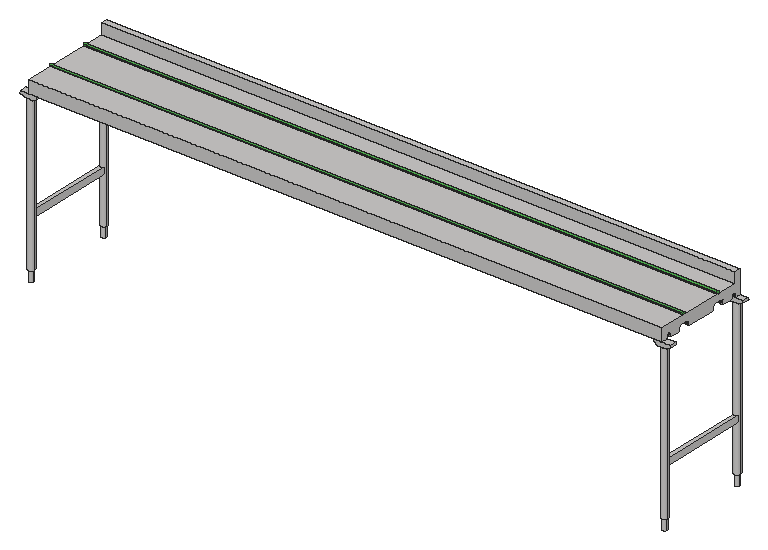
Revit family "QF_ELECTROLUXPROFESSIONAL_865127_HSCCTL30", category Attrezzature speciali, Revit 2020
Family settings
  Quota connettore circolare = Usa diametro
  Tipo di parte = Normale
  Basato su piano di lavoro = No
  Sempre verticale = Sì
  Taglio con vuoti quando caricato = No
  Condiviso = No
  Punto di calcolo locali = No
Parameters (values of type "Standard")
  Weight = 38.00 kg
  Watts = 0 W
  Volts = 0 V
  URL Manufacturer = "https://www.electroluxprofessional.com/"
  URL = "https://www.electroluxprofessional.com/"
  Steam Supply Size = 0 mm
  Steam Supply Minimum Pressure = 0.0 Pa
  Steam Supply Maximum Pressure = 0.0 Pa
  Steam Consumption per Hour = 0
  Show Clearance [instance] = yes
  Refrigeration Suction Line Size = 0 mm
  Refrigeration Liquid Line Size = 0 mm
  Refrigerant Compressor Remote = yes
  Prospetto di default = 0 mm
  Produttore = "Electrolux Professional"
  Phase = 0
  Modello = "HSCCTL30"
  Length Actual = 3000 mm  # constant formula
  Item Number = "865127"
  Hot Water Size = 0 mm
  Height Actual = 110 mm  # constant formula
  HP = "0 HP"
  Gas Size = 0 mm
  Gas KW = 0
  Gas Input Pressure = 0 W
  Direct Waste Size = 0 mm
  Description = "CORD CONVEYOR FOR TRAYS, SORTING (LOW EDGE), 3000 MM "
  Depth Actual = 460 mm  # constant formula
  Cycle = 0 Hz
  Condensate Return Size = 0 mm
  Compressed Air Volume = 0.0 L/s
  Compressed Air Size = 0 mm
  Compressed Air Pressure = 0.0 Pa
  Cold Water Size = 0 mm
  Accessory = yes
Reference planes
  plane 1 "Center (Front/Back)": y = 0
  plane 2: z = 0
  plane 3 "FRONT": y = -460
  plane 4 "LEFT": x = -126
  plane 5 "RIGHT": x = 2874
  plane 6: z = 800.5
  plane 7: x = 1374
  plane 8: y = -230
  plane 9: z = 910.5
  plane 10: y = -130
  plane 11: y = -330
  plane 12: x = -126
  plane 13: z = 270.5
Forms (mm)
  Extrusion 1, solid, material "QF_Finishes_Stainless Steel"
    sketch origin (0, 0, 800.5) x (0, 1, 0) y (0, 0, 1)
      loop
        line (0, 110) -> (-30, 110) -> (-30, 60) -> (-460, 60) -> (-460, 0) -> (-442, 0)
        arc (-442, 0) -> (-437.05, 2.05) -> (-435, 7) r 7
        line (-435, 7) -> (-435, 12.5)
        arc (-435, 12.5) -> (-431.339, 21.339) -> (-422.5, 25) r 12.5
        arc (-422.5, 25) -> (-413.661, 21.339) -> (-410, 12.5) r 12.5
        line (-410, 12.5) -> (-410, 7)
        arc (-410, 7) -> (-407.95, 2.05) -> (-403, 0) r 7
        line (-403, 0) -> (-367, 0)
        arc (-367, 0) -> (-362.05, 2.05) -> (-360, 7) r 7
        line (-360, 7) -> (-360, 12.5)
        arc (-360, 12.5) -> (-356.339, 21.339) -> (-347.5, 25) r 12.5
        line (-347.5, 25) -> (-312.5, 25)
        arc (-312.5, 25) -> (-303.661, 21.339) -> (-300, 12.5) r 12.5
        line (-300, 12.5) -> (-300, 6.708)
        arc (-300, 6.708) -> (-298.612, 2.525) -> (-295, 0) r 7
        line (-295, 0) -> (-167, 0)
        arc (-167, 0) -> (-162.05, 2.05) -> (-160, 7) r 7
        line (-160, 7) -> (-160, 12.5)
        arc (-160, 12.5) -> (-156.339, 21.339) -> (-147.5, 25) r 12.5
        line (-147.5, 25) -> (-112.5, 25)
        arc (-112.5, 25) -> (-103.661, 21.339) -> (-100, 12.5) r 12.5
        line (-100, 12.5) -> (-100, 7)
        arc (-100, 7) -> (-97.95, 2.05) -> (-93, 0) r 7
        line (-93, 0) -> (-57, 0)
        arc (-57, 0) -> (-52.05, 2.05) -> (-50, 7) r 7
        line (-50, 7) -> (-50, 12.5)
        arc (-50, 12.5) -> (-46.339, 21.339) -> (-37.5, 25) r 12.5
        arc (-37.5, 25) -> (-28.661, 21.339) -> (-25, 12.5) r 12.5
        line (-25, 12.5) -> (-25, 7)
        arc (-25, 7) -> (-22.95, 2.05) -> (-18, 0) r 7
        line (-18, 0) -> (0, 0) -> (0, 110)
    from -126 to 2874
  Extrusion 2, solid, material "QF_Finishes_Green"
    sketch origin (0, 100, 800.5) x (0, 1, 0) y (0, 0, 1)
      loop
        circle (-230, 65) r 5
    from -126 to 2874
  Extrusion 3, solid, material "QF_Finishes_Green"
    sketch origin (0, -560, 800.5) x (0, -1, 0) y (0, 0, -1)
      loop
        circle (-230, -65) r 5
    from -126 to 2874
  Extrusion 4, solid, material "QF_Finishes_Stainless Steel"
    sketch origin (0, 250, 0) x (-1, 0, 0) y (0, 0, 1)
      loop
        line (166, 800.5) -> (86, 800.5) -> (86, 790.5) -> (106, 778.953) -> (146, 778.953) -> (166, 790.5) -> (166, 800.5)
    from -710 to -680
  Revolve 5, solid, material "QF_Finishes_Stainless Steel"
    sketch origin (0, -445, 0) x (-1, 0, 0) y (0, 0, 1)
      loop
        line (126, 778.953) -> (111, 778.953) -> (111, 50.5) -> (116, 50.5) -> (116, 0) -> (126, 0) -> (126, 778.953)
      axis (126, 778.953) -> (126, 0)
    angle from 0 to 360
  Extrusion 6, solid, material "QF_Finishes_Stainless Steel"
    sketch origin (0, 680, 0) x (-1, 0, 0) y (0, 0, 1)
      loop
        line (166, 800.5) -> (86, 800.5) -> (86, 790.5) -> (106, 778.953) -> (146, 778.953) -> (166, 790.5) -> (166, 800.5)
    from -710 to -680
  Revolve 7, solid, material "QF_Finishes_Stainless Steel"
    sketch origin (0, -15, 0) x (-1, 0, 0) y (0, 0, 1)
      loop
        line (126, 778.953) -> (111, 778.953) -> (111, 50.5) -> (116, 50.5) -> (116, 0) -> (126, 0) -> (126, 778.953)
      axis (126, 778.953) -> (126, 0)
    angle from 0 to 360
  Extrusion 8, solid, material "QF_Finishes_Stainless Steel"
    sketch origin (3000, 680, 0) x (-1, 0, 0) y (0, 0, 1)
      loop
        line (166, 800.5) -> (86, 800.5) -> (86, 790.5) -> (106, 778.953) -> (146, 778.953) -> (166, 790.5) -> (166, 800.5)
    from -710 to -680
  Revolve 9, solid, material "QF_Finishes_Stainless Steel"
    sketch origin (3000, -15, 0) x (-1, 0, 0) y (0, 0, 1)
      loop
        line (126, 778.953) -> (111, 778.953) -> (111, 50.5) -> (116, 50.5) -> (116, 0) -> (126, 0) -> (126, 778.953)
      axis (126, 778.953) -> (126, 0)
    angle from 0 to 360
  Extrusion 10, solid, material "QF_Finishes_Stainless Steel"
    sketch origin (3000, 250, 0) x (-1, 0, 0) y (0, 0, 1)
      loop
        line (166, 800.5) -> (86, 800.5) -> (86, 790.5) -> (106, 778.953) -> (146, 778.953) -> (166, 790.5) -> (166, 800.5)
    from -710 to -680
  Revolve 11, solid, material "QF_Finishes_Stainless Steel"
    sketch origin (3000, -445, 0) x (-1, 0, 0) y (0, 0, 1)
      loop
        line (126, 778.953) -> (111, 778.953) -> (111, 50.5) -> (116, 50.5) -> (116, 0) -> (126, 0) -> (126, 778.953)
      axis (126, 778.953) -> (126, 0)
    angle from 0 to 360
  Extrusion 12, solid, material "QF_Finishes_Stainless Steel"
    sketch origin (3010, 0, 128.154) x (0, 1, 0) y (0, 0, 1)
      loop
        line (-20, 172.346) -> (-440, 172.346) -> (-440, 142.346) -> (-20, 142.346) -> (-20, 172.346)
    from -146 to -126
  Extrusion 13, solid, material "QF_Finishes_Stainless Steel"
    sketch origin (-262, 0, 128.154) x (0, 1, 0) y (0, 0, -1)
      loop
        line (-20, -172.346) -> (-20, -142.346) -> (-440, -142.346) -> (-440, -172.346) -> (-20, -172.346)
    from -146 to -126
Dimensions and locks
  plane 4 "LEFT" to plane 5 "RIGHT" = 3000 mm
  plane 1 "Center (Front/Back)" to plane 3 "FRONT" = 460 mm  (x2)
  plane 5 "RIGHT" to plane 4 "LEFT" = 3000 mm
  plane 9 to level = 910.5 mm  (x2)
  plane 10 to plane 11 = 200 mm
  plane 6 to plane 9 = 110 mm
  plane 9 to plane 6 = 110 mm
  plane 9 to plane 13 = 640 mm
  aligned and locked: level to plane 2
